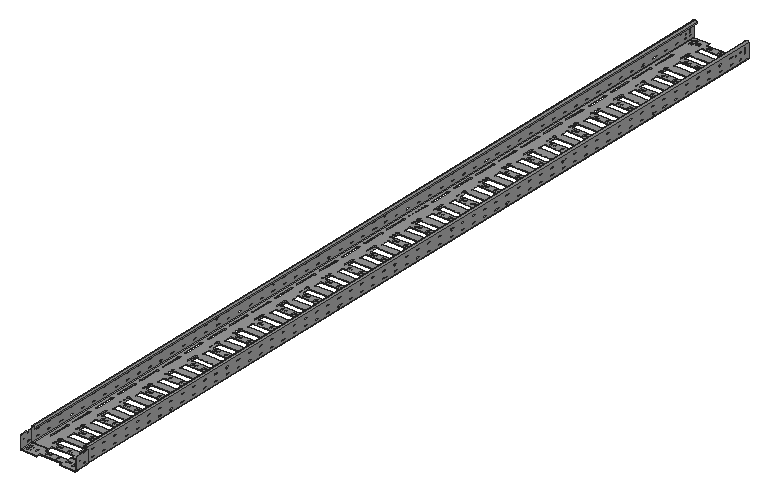
Revit family "MKSM Magic Kabelrinne 1 mm- MKSM 620 FT,FS", category Generic Models, Revit 2017 (continued)
Dimensions and locks
  equal spacing: group 262, group 263, group 264, group 265, group 266, group 267, group 268, group 269, group 270, group 271, group 272, group 273, group 274, group 275, group 276, group 277, group 278, group 279, group 280, group 281, group 282, group 283, group 284, group 285, group 286, group 287, group 288  (x3)
  cut or joined group 1 (Extrusion 2, Extrusion 3, Extrusion 4, Extrusion 5, Extrusion 6, Extrusion 7, Extrusion 8, Extrusion 9, Extrusion 10, Extrusion 11, Extrusion 12, Extrusion 252, Extrusion 253) to plane 197 = 101.67 mm
  group 289 to group 290 = 0 mm  (x2)
  group 289 to group 290 = 101.739 mm
  equal spacing: group 290, group 291, group 292, group 293, group 294, group 295, group 296, group 297, group 298, group 299, group 300, group 301, group 302, group 303, group 304, group 305, group 306, group 307, group 308, group 309, group 310, group 311, group 312, group 313, group 314, group 315, group 316, group 317  (x3)
  locked: Extrusion 357 sketch curve to plane 198 at 3.5
  locked: plane 198 to Extrusion 357 sketch curve at 3.5
  locked: Extrusion 357 sketch curve to plane 199 at 3.5
  locked: plane 199 to Extrusion 357 sketch curve at 3.5
  locked: Extrusion 358 sketch curve to plane 200 at 3.5
  locked: plane 200 to Extrusion 358 sketch curve at 3.5
  locked: Extrusion 358 sketch curve to plane 201 at 3.5
  locked: plane 201 to Extrusion 358 sketch curve at 3.5
  group 318 to group 319 = 0 mm  (x2)
  group 318 to group 319 = 101.723 mm
  locked: Extrusion 359 sketch curve to plane 202 at 3.5
  locked: plane 202 to Extrusion 359 sketch curve at 3.5
  locked: Extrusion 359 sketch curve to plane 203 at 3.5
  locked: plane 203 to Extrusion 359 sketch curve at 3.5
  equal spacing: group 319, group 320, group 321, group 322, group 323, group 324, group 325, group 326, group 327, group 328, group 329, group 330, group 331, group 332, group 333, group 334, group 335, group 336, group 337, group 338, group 339, group 340, group 341, group 342, group 343, group 344, group 345, group 346  (x3)
  locked: Extrusion 360 sketch curve to plane 204 at 3.5
  locked: plane 204 to Extrusion 360 sketch curve at 3.5
  locked: Extrusion 360 sketch curve to plane 205 at 3.5
  locked: plane 205 to Extrusion 360 sketch curve at 3.5
  locked: Extrusion 361 sketch curve to plane 206 at 3.5
  locked: plane 206 to Extrusion 361 sketch curve at 3.5
  locked: Extrusion 361 sketch curve to plane 207 at 3.5
  locked: plane 207 to Extrusion 361 sketch curve at 3.5
  locked: Extrusion 362 sketch curve to plane 208 at 3.5
  locked: plane 208 to Extrusion 362 sketch curve at 3.5
  locked: Extrusion 362 sketch curve to plane 209 at 3.5
  locked: plane 209 to Extrusion 362 sketch curve at 3.5
  locked: Extrusion 363 sketch curve to plane 210 at 3.5
  locked: plane 210 to Extrusion 363 sketch curve at 3.5
  locked: Extrusion 363 sketch curve to plane 211 at 3.5
  locked: plane 211 to Extrusion 363 sketch curve at 3.5
  locked: Extrusion 364 sketch curve to plane 212 at 3.5
  locked: plane 212 to Extrusion 364 sketch curve at 3.5
  locked: Extrusion 364 sketch curve to plane 213 at 3.5
  locked: plane 213 to Extrusion 364 sketch curve at 3.5
  locked: Extrusion 365 sketch curve to plane 214 at 3.5
  locked: plane 214 to Extrusion 365 sketch curve at 3.5
  locked: Extrusion 365 sketch curve to plane 215 at 3.5
  locked: plane 215 to Extrusion 365 sketch curve at 3.5
  locked: Extrusion 366 sketch curve to plane 216 at 3.5
  locked: plane 216 to Extrusion 366 sketch curve at 3.5
  locked: Extrusion 366 sketch curve to plane 217 at 3.5
  locked: plane 217 to Extrusion 366 sketch curve at 3.5
  locked: Extrusion 367 sketch curve to plane 218 at 3.5
  locked: plane 218 to Extrusion 367 sketch curve at 3.5
  locked: Extrusion 367 sketch curve to plane 219 at 3.5
  locked: plane 219 to Extrusion 367 sketch curve at 3.5
  locked: Extrusion 368 sketch curve to plane 220 at 3.5
  locked: plane 220 to Extrusion 368 sketch curve at 3.5
  locked: Extrusion 368 sketch curve to plane 221 at 3.5
  locked: plane 221 to Extrusion 368 sketch curve at 3.5
  locked: Extrusion 369 sketch curve to plane 222 at 3.5
  locked: plane 222 to Extrusion 369 sketch curve at 3.5
  locked: Extrusion 369 sketch curve to plane 223 at 3.5
  locked: plane 223 to Extrusion 369 sketch curve at 3.5
  locked: Extrusion 370 sketch curve to plane 224 at 3.5
  locked: plane 224 to Extrusion 370 sketch curve at 3.5
  locked: Extrusion 370 sketch curve to plane 225 at 3.5
  locked: plane 225 to Extrusion 370 sketch curve at 3.5
  locked: Extrusion 371 sketch curve to plane 226 at 3.5
  locked: plane 226 to Extrusion 371 sketch curve at 3.5
  locked: Extrusion 371 sketch curve to plane 227 at 3.5
  locked: plane 227 to Extrusion 371 sketch curve at 3.5
  locked: Extrusion 372 sketch curve to plane 228 at 3.5
  locked: plane 228 to Extrusion 372 sketch curve at 3.5
  locked: Extrusion 372 sketch curve to plane 229 at 3.5
  locked: plane 229 to Extrusion 372 sketch curve at 3.5
  locked: Extrusion 373 sketch curve to plane 230 at 3.5
  locked: plane 230 to Extrusion 373 sketch curve at 3.5
  locked: Extrusion 373 sketch curve to plane 231 at 3.5
  locked: plane 231 to Extrusion 373 sketch curve at 3.5
  locked: Extrusion 374 sketch curve to plane 232 at 3.5
  locked: plane 232 to Extrusion 374 sketch curve at 3.5
  locked: Extrusion 374 sketch curve to plane 233 at 3.5
  locked: plane 233 to Extrusion 374 sketch curve at 3.5
  locked: Extrusion 375 sketch curve to plane 234 at 3.5
  locked: plane 234 to Extrusion 375 sketch curve at 3.5
  locked: Extrusion 375 sketch curve to plane 235 at 3.5
  locked: plane 235 to Extrusion 375 sketch curve at 3.5
  locked: Extrusion 376 sketch curve to plane 236 at 3.5
  locked: plane 236 to Extrusion 376 sketch curve at 3.5
  locked: Extrusion 376 sketch curve to plane 237 at 3.5
  locked: plane 237 to Extrusion 376 sketch curve at 3.5
  locked: Extrusion 377 sketch curve to plane 238 at 3.5
  locked: plane 238 to Extrusion 377 sketch curve at 3.5
  locked: Extrusion 377 sketch curve to plane 239 at 3.5
  locked: plane 239 to Extrusion 377 sketch curve at 3.5
  locked: Extrusion 378 sketch curve to plane 240 at 3.5
  locked: plane 240 to Extrusion 378 sketch curve at 3.5
  locked: Extrusion 378 sketch curve to plane 241 at 3.5
  locked: plane 241 to Extrusion 378 sketch curve at 3.5
  locked: Extrusion 379 sketch curve to plane 242 at 3.5
  locked: plane 242 to Extrusion 379 sketch curve at 3.5
  locked: Extrusion 379 sketch curve to plane 243 at 3.5
  locked: plane 243 to Extrusion 379 sketch curve at 3.5
  locked: Extrusion 380 sketch curve to plane 244 at 3.5
  locked: plane 244 to Extrusion 380 sketch curve at 3.5
  locked: Extrusion 380 sketch curve to plane 245 at 3.5
  locked: plane 245 to Extrusion 380 sketch curve at 3.5
  locked: Extrusion 381 sketch curve to plane 246 at 3.5
  locked: plane 246 to Extrusion 381 sketch curve at 3.5
  locked: Extrusion 381 sketch curve to plane 247 at 3.5
  locked: plane 247 to Extrusion 381 sketch curve at 3.5
  locked: Extrusion 382 sketch curve to plane 248 at 3.5
  locked: plane 248 to Extrusion 382 sketch curve at 3.5
  locked: Extrusion 382 sketch curve to plane 249 at 3.5
  locked: plane 249 to Extrusion 382 sketch curve at 3.5
  locked: Extrusion 383 sketch curve to plane 250 at 3.5
  locked: plane 250 to Extrusion 383 sketch curve at 3.5
  locked: Extrusion 383 sketch curve to plane 251 at 3.5
  locked: plane 251 to Extrusion 383 sketch curve at 3.5
  locked: Extrusion 384 sketch curve to plane 252 at 3.5
  locked: plane 252 to Extrusion 384 sketch curve at 3.5
  locked: Extrusion 384 sketch curve to plane 253 at 3.5
  locked: plane 253 to Extrusion 384 sketch curve at 3.5
  locked: Extrusion 385 sketch curve to plane 254 at 3.5
  locked: plane 254 to Extrusion 385 sketch curve at 3.5
  locked: Extrusion 385 sketch curve to plane 255 at 3.5
  locked: plane 255 to Extrusion 385 sketch curve at 3.5
  cut or joined group 2 (Extrusion 1, Extrusion 8, Extrusion 13, Extrusion 14, Extrusion 15, Extrusion 16, Extrusion 17, Extrusion 18, Extrusion 19, Extrusion 20, Extrusion 21, Extrusion 22, Extrusion 23, Extrusion 24, Extrusion 25, Extrusion 26, Extrusion 27, Extrusion 28, Extrusion 29, Extrusion 30, Extrusion 31, Extrusion 32, Extrusion 33, Extrusion 34, Extrusion 35, Extrusion 36, Extrusion 37, Extrusion 38, Extrusion 39, Extrusion 40, Extrusion 41, Extrusion 42, Extrusion 43, Extrusion 44, Extrusion 45, Extrusion 46, Extrusion 47, Extrusion 48, Extrusion 49, Extrusion 50, Extrusion 51, Extrusion 52, Extrusion 53, Extrusion 54, Extrusion 55, Extrusion 56, Extrusion 57, Extrusion 58, Extrusion 59, Extrusion 60, Extrusion 61, Extrusion 62, Extrusion 63, Extrusion 64, Extrusion 65, Extrusion 66, Extrusion 67, Extrusion 68, Extrusion 69, Extrusion 70, Extrusion 71, Extrusion 72, Extrusion 73, Extrusion 74, Extrusion 75, Extrusion 76, Extrusion 77, Extrusion 78, Extrusion 79, Extrusion 80, Extrusion 81, Extrusion 82, Extrusion 83, Extrusion 84, Extrusion 85, Extrusion 86, Extrusion 87, Extrusion 88, Extrusion 89, Extrusion 90, Extrusion 91, Extrusion 92, Extrusion 93, Extrusion 94, Extrusion 95, Extrusion 96, Extrusion 97, Extrusion 98, Extrusion 99, Extrusion 100, Extrusion 101, Extrusion 102, Extrusion 103, Extrusion 104, Extrusion 105, Extrusion 106, Extrusion 107, Extrusion 108, Extrusion 109, Extrusion 110, Extrusion 111, Extrusion 112, Extrusion 113, Extrusion 114, Extrusion 115, Extrusion 116, Extrusion 117, Extrusion 118, Extrusion 119, Extrusion 120, Extrusion 121, Extrusion 122, Extrusion 123, Extrusion 124, Extrusion 125, Extrusion 126, Extrusion 127, Extrusion 128, Extrusion 129, Extrusion 130, Extrusion 131, Extrusion 132, Extrusion 133, Extrusion 134, Extrusion 135, Extrusion 136, Extrusion 137, Extrusion 138, Extrusion 139, Extrusion 140, Extrusion 141, Extrusion 142, Extrusion 143, Extrusion 144, Extrusion 145, Extrusion 146, Extrusion 147, Extrusion 148, Extrusion 149, Extrusion 150, Extrusion 151, Extrusion 152, Extrusion 153, Extrusion 154, Extrusion 155, Extrusion 156, Extrusion 157, Extrusion 158, Extrusion 159, Extrusion 160, Extrusion 161, Extrusion 162, Extrusion 163, Extrusion 164, Extrusion 165, Extrusion 166, Extrusion 167, Extrusion 168, Extrusion 169, Extrusion 170, Extrusion 171, Extrusion 172, Extrusion 173, Extrusion 174, Extrusion 175, Extrusion 176, Extrusion 177, Extrusion 178, Extrusion 179, Extrusion 180, Extrusion 181, Extrusion 182, Extrusion 183, Extrusion 184, Extrusion 185, Extrusion 186, Extrusion 187, Extrusion 188, Extrusion 189, Extrusion 190, Extrusion 191, Extrusion 192, Extrusion 193, Extrusion 194, Extrusion 195, Extrusion 196, Extrusion 197, Extrusion 198, Extrusion 199, Extrusion 200, Extrusion 201, Extrusion 202, Extrusion 203, Extrusion 204, Extrusion 205, Extrusion 206, Extrusion 207, Extrusion 208, Extrusion 209, Extrusion 210, Extrusion 211, Extrusion 212, Extrusion 213, Extrusion 214, Extrusion 215, Extrusion 216, Extrusion 217, Extrusion 218, Extrusion 219, Extrusion 220, Extrusion 221, Extrusion 222, Extrusion 223, Extrusion 224, Extrusion 225, Extrusion 226, Extrusion 227, Extrusion 228, Extrusion 229, Extrusion 230, Extrusion 231, Extrusion 232, Extrusion 233, Extrusion 234, Extrusion 235, Extrusion 236, Extrusion 237, Extrusion 238, Extrusion 239, Extrusion 240, Extrusion 241, Extrusion 242, Extrusion 243, Extrusion 244, Extrusion 245, Extrusion 246, Extrusion 247, Extrusion 248, Extrusion 249, Extrusion 250, Extrusion 251, Extrusion 253, Extrusion 254, Extrusion 255, Extrusion 256, Extrusion 257, Extrusion 258, Extrusion 259, Extrusion 260, Extrusion 261, Extrusion 262, Extrusion 267, Extrusion 268, Extrusion 269, Extrusion 270, Extrusion 271, Extrusion 272, Extrusion 273, Extrusion 274, Extrusion 275, Extrusion 276, Extrusion 277, Extrusion 278, Extrusion 279, Extrusion 280, Extrusion 281, Extrusion 282, Extrusion 283, Extrusion 284, Extrusion 285, Extrusion 286, Extrusion 287, Extrusion 288, Extrusion 289, Extrusion 290, Extrusion 291, Extrusion 292, Extrusion 293, Extrusion 294, Extrusion 295, Extrusion 296, Extrusion 297, Extrusion 298, Extrusion 299, Extrusion 300, Extrusion 301, Extrusion 302, Extrusion 303, Extrusion 304, Extrusion 305, Extrusion 306, Extrusion 307, Extrusion 308, Extrusion 309, Extrusion 310, Extrusion 311, Extrusion 312, Extrusion 313, Extrusion 314, Extrusion 315, Extrusion 316, Extrusion 317, Extrusion 318, Extrusion 319, Extrusion 320, Extrusion 321, Extrusion 322, Extrusion 323, Extrusion 324, Extrusion 325, Extrusion 326, Extrusion 327, Extrusion 328, Extrusion 329, Extrusion 330, Extrusion 331, Extrusion 332, Extrusion 333, Extrusion 334, Extrusion 335, Extrusion 336, Extrusion 337, Extrusion 338, Extrusion 339, Extrusion 340, Extrusion 341, Extrusion 342, Extrusion 343, Extrusion 344, Extrusion 345, Extrusion 346, Extrusion 347, Extrusion 348, Extrusion 349, Extrusion 350, Extrusion 351, Extrusion 352, Extrusion 353, Extrusion 354, Extrusion 355, Extrusion 356, Extrusion 357, Extrusion 358, Extrusion 359, Extrusion 360, Extrusion 361, Extrusion 362, Extrusion 363, Extrusion 364, Extrusion 365, Extrusion 366, Extrusion 367, Extrusion 368, Extrusion 369, Extrusion 370, Extrusion 371, Extrusion 372, Extrusion 373, Extrusion 374, Extrusion 375, Extrusion 376, Extrusion 377, Extrusion 378, Extrusion 379, Extrusion 380, Extrusion 381, Extrusion 382, Extrusion 383, Extrusion 384, Extrusion 385, Extrusion 386, Extrusion 387, Extrusion 388, Extrusion 389, Extrusion 390, Extrusion 391, Extrusion 392, Extrusion 393, Extrusion 394, Extrusion 395, Extrusion 396, Extrusion 397, Extrusion 398, Extrusion 399, Extrusion 400, Extrusion 401, Extrusion 402, Extrusion 403, Extrusion 404, Extrusion 405, Extrusion 406, Extrusion 407, Extrusion 408, Extrusion 409, Extrusion 410, Extrusion 411, Extrusion 412, Extrusion 413, Extrusion 414) to plane 256 = 50.83 mm
  locked: Extrusion 386 sketch curve to plane 105 at 40
  locked: plane 105 to Extrusion 386 sketch curve at 40
  locked: plane 256 to Extrusion 386 sketch curve at 12.71  (x2)
  plane 258 to plane 3 "Center (Left/Right)" = 81 mm
  group 347 to group 348 = 0 mm  (x2)
  group 347 to group 348 = 101.712 mm
  equal spacing: group 348, group 349, group 350, group 351, group 352, group 353, group 354, group 355, group 356, group 357, group 358, group 359, group 360, group 361, group 362, group 363, group 364, group 365, group 366, group 367, group 368, group 369, group 370, group 371, group 372, group 373, group 374  (x3)
  locked: Extrusion 4 sketch curve to cut or joined group 1 (angle 20.00°)
  locked: Extrusion 6 sketch curve to plane 20 (angle 20.00°)
  locked: plane 18 to Extrusion 6 sketch curve (angle 20.00°)
  locked: cut or joined group 1 to Extrusion 7 sketch curve (angle 20.00°)
  aligned and locked: level to plane 2
  aligned and locked: Extrusion 1 sketch curve to plane 7
  aligned and locked: Extrusion 1 sketch curve to plane 9
  aligned and locked: Extrusion 1 to level
  aligned and locked: plane 1 "Center (Front/Back)" to Extrusion 2
  aligned and locked: Extrusion 3 sketch curve to plane 13
  aligned and locked: Extrusion 3 to Extrusion 1
  aligned and locked: Extrusion 2 to Extrusion 3
  aligned and locked: Extrusion 4 sketch curve to cut or joined group 1
  aligned and locked: Extrusion 4 to Extrusion 1
  aligned and locked: cut or joined group 1 to cut or joined group 1  (x42)
  aligned and locked: plane 17 to plane 15
  aligned and locked: Extrusion 5 to Extrusion 1
  aligned and locked: Extrusion 6 to Extrusion 1
  aligned and locked: Extrusion 7 to Extrusion 2
  aligned and locked: Extrusion 7 to Extrusion 1
  aligned and locked: Extrusion 2 to Extrusion 8
  aligned and locked: Extrusion 8 to Extrusion 1
  aligned and locked: Extrusion 2 to Extrusion 9
  aligned and locked: Extrusion 9 to Extrusion 1
  aligned and locked: Extrusion 2 to Extrusion 1  (x2)
  aligned and locked: level to Extrusion 2
  aligned and locked: Extrusion 10 to cut or joined group 1
  aligned and locked: Extrusion 10 to Extrusion 1
  aligned and locked: Extrusion 2 to Extrusion 11
  aligned and locked: level to Extrusion 11
  aligned and locked: Extrusion 2 to Extrusion 12
  aligned and locked: level to Extrusion 12
  aligned and locked: Extrusion 1 to Extrusion 15  (x2)
  aligned and locked: Extrusion 15 to cut or joined group 1
  aligned and locked: Extrusion 1 to Extrusion 14  (x2)
  aligned and locked: Extrusion 1 to Extrusion 13  (x2)
  aligned and locked: Extrusion 1 to Extrusion 16  (x2)
  aligned and locked: cut or joined group 2 to cut or joined group 1  (x3)
  aligned and locked: Extrusion 17 sketch curve to cut or joined group 2  (x4)
  aligned and locked: Extrusion 1 to Extrusion 17  (x2)
  aligned and locked: Extrusion 1 to Extrusion 18  (x2)
  aligned and locked: Extrusion 1 to Extrusion 19
  aligned and locked: Extrusion 1 to Extrusion 77  (x2)
  aligned and locked: cut or joined group 2 to cut or joined group of Extrusion 1, Extrusion 8, Extrusion 13, Extrusion 14, Extrusion 15, Extrusion 16, Extrusion 17, Extrusion 18, Extrusion 19, Extrusion 20, Extrusion 21, Extrusion 22, Extrusion 23, Extrusion 24, Extrusion 25, Extrusion 26, Extrusion 27, Extrusion 28, Extrusion 29, Extrusion 30, Extrusion 31, Extrusion 32, Extrusion 33, Extrusion 34, Extrusion 35, Extrusion 36, Extrusion 37, Extrusion 38, Extrusion 39, Extrusion 40, Extrusion 41, Extrusion 42, Extrusion 43, Extrusion 44, Extrusion 45, Extrusion 46, Extrusion 47, Extrusion 48, Extrusion 49, Extrusion 50, Extrusion 51, Extrusion 52, Extrusion 53, Extrusion 54, Extrusion 55, Extrusion 56, Extrusion 57, Extrusion 58, Extrusion 59, Extrusion 60, Extrusion 61, Extrusion 62, Extrusion 63, Extrusion 64, Extrusion 65, Extrusion 66, Extrusion 67, Extrusion 68, Extrusion 69, Extrusion 70, Extrusion 71, Extrusion 72, Extrusion 73, Extrusion 74, Extrusion 75, Extrusion 76, Extrusion 77, Extrusion 78, Extrusion 79, Extrusion 80, Extrusion 81, Extrusion 82, Extrusion 83, Extrusion 84, Extrusion 85, Extrusion 86, Extrusion 87, Extrusion 88, Extrusion 89, Extrusion 90, Extrusion 91, Extrusion 92, Extrusion 93, Extrusion 94, Extrusion 95, Extrusion 96, Extrusion 97, Extrusion 98, Extrusion 99, Extrusion 100, Extrusion 101, Extrusion 102, Extrusion 103, Extrusion 104, Extrusion 105, Extrusion 106, Extrusion 107, Extrusion 108, Extrusion 109, Extrusion 110, Extrusion 111, Extrusion 112, Extrusion 113, Extrusion 114, Extrusion 115, Extrusion 116, Extrusion 117, Extrusion 118, Extrusion 119, Extrusion 120, Extrusion 121, Extrusion 122, Extrusion 123, Extrusion 124, Extrusion 125, Extrusion 126, Extrusion 127, Extrusion 128, Extrusion 129, Extrusion 130, Extrusion 131, Extrusion 132, Extrusion 133, Extrusion 134, Extrusion 135, Extrusion 136, Extrusion 137, Extrusion 138, Extrusion 139, Extrusion 140, Extrusion 141, Extrusion 142, Extrusion 143, Extrusion 144, Extrusion 145, Extrusion 146, Extrusion 147, Extrusion 148, Extrusion 149, Extrusion 150, Extrusion 151, Extrusion 15
    2, Extrusion 153, Extrusion 154, Extrusion 155, Extrusion 156, Extrusion 157, Extrusion 158, Extrusion 159, Extrusion 160, Extrusion 161, Extrusion 162, Extrusion 163, Extrusion 164, Extrusion 165, Extrusion 166, Extrusion 167, Extrusion 168, Extrusion 169, Extrusion 170, Extrusion 171, Extrusion 172, Extrusion 173, Extrusion 174, Extrusion 175, Extrusion 176, Extrusion 177, Extrusion 178, Extrusion 179, Extrusion 180, Extrusion 181, Extrusion 182, Extrusion 183, Extrusion 184, Extrusion 185, Extrusion 186, Extrusion 187, Extrusion 188, Extrusion 189, Extrusion 190, Extrusion 191, Extrusion 192, Extrusion 193, Extrusion 194, Extrusion 195, Extrusion 196, Extrusion 197, Extrusion 198, Extrusion 199, Extrusion 200, Extrusion 201, Extrusion 202, Extrusion 203, Extrusion 204, Extrusion 205, Extrusion 206, Extrusion 207, Extrusion 208, Extrusion 209, Extrusion 210, Extrusion 211, Extrusion 212, Extrusion 213, Extrusion 214, Extrusion 215, Extrusion 216, Extrusion 217, Extrusion 218, Extrusion 219, Extrusion 220, Extrusion 221, Extrusion 222, Extrusion 223, Extrusion 224, Extrusion 225, Extrusion 226, Extrusion 227, Extrusion 228, Extrusion 229, Extrusion 230, Extrusion 231, Extrusion 232, Extrusion 233, Extrusion 234, Extrusion 235, Extrusion 236, Extrusion 237, Extrusion 238, Extrusion 239, Extrusion 240, Extrusion 241, Extrusion 242, Extrusion 243, Extrusion 244, Extrusion 245, Extrusion 246, Extrusion 247, Extrusion 248, Extrusion 249, Extrusion 250, Extrusion 251, Extrusion 253, Extrusion 254, Extrusion 255, Extrusion 256, Extrusion 257, Extrusion 258, Extrusion 259, Extrusion 260, Extrusion 261, Extrusion 262, Extrusion 267, Extrusion 268, Extrusion 269, Extrusion 270, Extrusion 271, Extrusion 272, Extrusion 273, Extrusion 274, Extrusion 275, Extrusion 276, Extrusion 277, Extrusion 278, Extrusion 279, Extrusion 280, Extrusion 281, Extrusion 282, Extrusion 283, Extrusion 284, Extrusion 285, Extrusion 286, Extrusion 287, Extrusion 288, Extrusion 289, Extrusion 290, Extrusion 291, Extrusion 292, Extrusion 293, Extrusion 294, Extrusion 295, Extrusion 296, Extrusion 297, Extrusion 298, Extrusion 299, Extrusion 300, Extrusion 301, Extrusion 302, Extrusion 303, Extrusion 304, Extrusion 305, Extrusion 306, Extrusion 307, Extrusion 308, Extrusion 309, Extrusion 310, Extrusion 311, Extrusion 312, Extrusion 313, Extrusion 314, Extrusion 315, Extrusion 316, Extrusion 317, Extrusion 318, Extrusion 319, Extrusion 320, Extrusion 321, Extrusion 322, Extrusion 323, Extrusion 324, Extrusion 325, Extrusion 326, Extrusion 327, Extrusion 328, Extrusion 329, Extrusion 330, Extrusion 331, Extrusion 332, Extrusion 333, Extrusion 334, Extrusion 335, Extrusion 336, Extrusion 337, Extrusion 338, Extrusion 339, Extrusion 340, Extrusion 341, Extrusion 342, Extrusion 343, Extrusion 344, Extrusion 345, Extrusion 346, Extrusion 347, Extrusion 348, Extrusion 349, Extrusion 350, Extrusion 351, Extrusion 352, Extrusion 353, Extrusion 354, Extrusion 355, Extrusion 356, Extrusion 357, Extrusion 358, Extrusion 359, Extrusion 360, Extrusion 361, Extrusion 362, Extrusion 363, Extrusion 364, Extrusion 365, Extrusion 366, Extrusion 367, Extrusion 368, Extrusion 369, Extrusion 370, Extrusion 371, Extrusion 372, Extrusion 373, Extrusion 374, Extrusion 375, Extrusion 376, Extrusion 377, Extrusion 378, Extrusion 379, Extrusion 380, Extrusion 381, Extrusion 382, Extrusion 383, Extrusion 384, Extrusion 385, Extrusion 386, Extrusion 387, Extrusion 388, Extrusion 389, Extrusion 390, Extrusion 391, Extrusion 392, Extrusion 393, Extrusion 394, Extrusion 395, Extrusion 396, Extrusion 397, Extrusion 398, Extrusion 399, Extrusion 400, Extrusion 401, Extrusion 402, Extrusion 403, Extrusion 404, Extrusion 405, Extrusion 406, Extrusion 407, Extrusion 408, Extrusion 409, Extrusion 410, Extrusion 411, Extrusion 412, Extrusion 413, Extrusion 414  (x62)
  aligned and locked: Extrusion 1 to Extrusion 135
  aligned and locked: Extrusion 1 to Extrusion 136  (x2)
  aligned and locked: Extrusion 251 to level
  aligned and locked: Extrusion 1 to Extrusion 251
  aligned and locked: Extrusion 2 to Extrusion 252
  aligned and locked: level to Extrusion 252
  aligned and locked: Extrusion 2 to Extrusion 253
  aligned and locked: plane 11 to cut or joined group 1
  aligned and locked: Extrusion 1 to Extrusion 254
  aligned and locked: Extrusion 1 to Extrusion 255
  aligned and locked: Extrusion 1 to Extrusion 256
  aligned and locked: Extrusion 1 to Extrusion 257
  aligned and locked: Extrusion 256 sketch curve to cut or joined group 2
  aligned and locked: Extrusion 1 to Extrusion 258
  aligned and locked: level to cut or joined group 1
  aligned and locked: plane 35 to cut or joined group 1
  aligned and locked: plane 2 to cut or joined group 1
  aligned and locked: Extrusion 1 to Extrusion 259
  aligned and locked: Extrusion 267 to level
  aligned and locked: Extrusion 296 sketch curve to Extrusion 266  (x4)
  aligned and locked: Extrusion 297 sketch curve to Extrusion 265  (x4)
  aligned and locked: cut or joined group 2 to Extrusion 263
  aligned and locked: Extrusion 298 sketch curve to Extrusion 263  (x4)
  aligned and locked: Extrusion 299 sketch curve to Extrusion 264  (x4)
  aligned and locked: Extrusion 296 to level
  aligned and locked: Extrusion 297 to level
  aligned and locked: Extrusion 298 to level
  aligned and locked: Extrusion 299 to level
  aligned and locked: Extrusion 300 to level
  aligned and locked: Extrusion 328 to level
Automatic sketch dimensions
  Extrusion 20 sketch curve to Extrusion 20 sketch curve = 13 mm
  Extrusion 21 sketch curve to Extrusion 21 sketch curve = 13 mm
  Extrusion 22 sketch curve to Extrusion 22 sketch curve = 13 mm
  Extrusion 23 sketch curve to Extrusion 23 sketch curve = 13 mm
  Extrusion 24 sketch curve to Extrusion 24 sketch curve = 13 mm
  Extrusion 25 sketch curve to Extrusion 25 sketch curve = 13 mm
  Extrusion 26 sketch curve to Extrusion 26 sketch curve = 13 mm
  Extrusion 27 sketch curve to Extrusion 27 sketch curve = 13 mm
  Extrusion 28 sketch curve to Extrusion 28 sketch curve = 13 mm
  Extrusion 29 sketch curve to Extrusion 29 sketch curve = 13 mm
  Extrusion 30 sketch curve to Extrusion 30 sketch curve = 13 mm
  Extrusion 31 sketch curve to Extrusion 31 sketch curve = 13 mm
  Extrusion 32 sketch curve to Extrusion 32 sketch curve = 13 mm
  Extrusion 33 sketch curve to Extrusion 33 sketch curve = 13 mm
  Extrusion 34 sketch curve to Extrusion 34 sketch curve = 13 mm
  Extrusion 35 sketch curve to Extrusion 35 sketch curve = 13 mm
  Extrusion 36 sketch curve to Extrusion 36 sketch curve = 13 mm
  Extrusion 37 sketch curve to Extrusion 37 sketch curve = 13 mm
  Extrusion 38 sketch curve to Extrusion 38 sketch curve = 13 mm
  Extrusion 39 sketch curve to Extrusion 39 sketch curve = 13 mm
  Extrusion 40 sketch curve to Extrusion 40 sketch curve = 13 mm
  Extrusion 41 sketch curve to Extrusion 41 sketch curve = 13 mm
  Extrusion 42 sketch curve to Extrusion 42 sketch curve = 13 mm
  Extrusion 43 sketch curve to Extrusion 43 sketch curve = 13 mm
  Extrusion 44 sketch curve to Extrusion 44 sketch curve = 13 mm
  Extrusion 45 sketch curve to Extrusion 45 sketch curve = 13 mm
  Extrusion 46 sketch curve to Extrusion 46 sketch curve = 13 mm
  Extrusion 47 sketch curve to Extrusion 47 sketch curve = 13 mm
  Extrusion 48 sketch curve to Extrusion 48 sketch curve = 13 mm
  Extrusion 49 sketch curve to Extrusion 49 sketch curve = 13 mm
  Extrusion 50 sketch curve to Extrusion 50 sketch curve = 13 mm
  Extrusion 51 sketch curve to Extrusion 51 sketch curve = 13 mm
  Extrusion 52 sketch curve to Extrusion 52 sketch curve = 13 mm
  Extrusion 53 sketch curve to Extrusion 53 sketch curve = 13 mm
  Extrusion 54 sketch curve to Extrusion 54 sketch curve = 13 mm
  Extrusion 55 sketch curve to Extrusion 55 sketch curve = 13 mm
  Extrusion 56 sketch curve to Extrusion 56 sketch curve = 13 mm
  Extrusion 57 sketch curve to Extrusion 57 sketch curve = 13 mm
  Extrusion 58 sketch curve to Extrusion 58 sketch curve = 13 mm
  Extrusion 59 sketch curve to Extrusion 59 sketch curve = 13 mm
